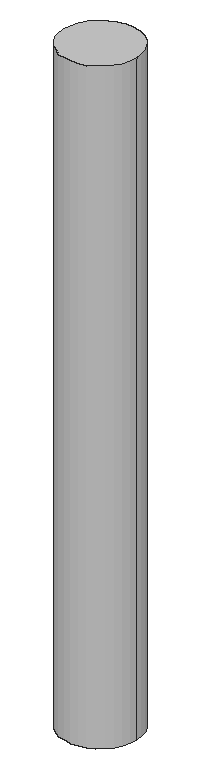
Revit family "M_Concreto-Redondo-Coluna", category Pilares estruturais, Revit 2019
Family settings
  Exibir em vistas ocultas = Arestas ocultadas por outros membros
  Forma do corte = Não definido
  Material para o comportamento do modelo = Concreto
  Exportar sempre como geometria = Não
  Redução da viga na planta = Da geometria
  Número OmniClass = 23.25.30.11.14.11
  Título OmniClass = Columns
  ID de item do Seek = Concrete-Round-Column-0000-CAN-ENU
  Corte com vazios quando carregada = Não
  Representação simbólica = Da família
  Compartilhado = Não
  Exibir o pré-corte da família na vista da planta = Sim
Parameters (values of type "300mm")
  b = 300 mm
  Structural Material [instance] = Concreto, Moldado no local - Cinza
Types (5, lengths in mm): name | b
  (no name) | 300
  300mm | 300
  450mm | 450
  600mm | 600
  750mm | 750
Reference planes
  plane 1 "Centro (Frente/Trás)": y = 0
  plane 2: z = 0
  plane 3 "Centro (Esquerda/Direita)": x = 0
  plane 4: x = -150
  plane 5: x = 150
  plane 6: y = 150
  plane 7: y = -150
Forms (mm)
  Extrusion 1, solid, material "Concreto, Moldado no local - Cinza" <- "Structural Material"
    sketch origin (0, 0, 0) x (1, 0, 0) y (0, 1, 0)
      loop
        circle (0, 0) r 150
    from 0 to 2500
Dimensions and locks
  equal spacing: plane 4, plane 3 "Centro (Esquerda/Direita)", plane 5
  equal spacing: plane 7, plane 1 "Centro (Frente/Trás)", plane 6
  "b": plane 7 to plane 6
  "b": plane 4 to plane 5
  aligned and locked: level to Extrusion 1
  aligned and locked: level to plane 2
  aligned and locked: Extrusion 1 to plane 2
Automatic sketch dimensions
  Extrusion 1 sketch curve to plane 1 "Centro (Frente/Trás)" = 0 mm
  Extrusion 1 sketch curve to plane 4 = 0 mm
  Extrusion 1 sketch curve to plane 3 "Centro (Esquerda/Direita)" = 0 mm
